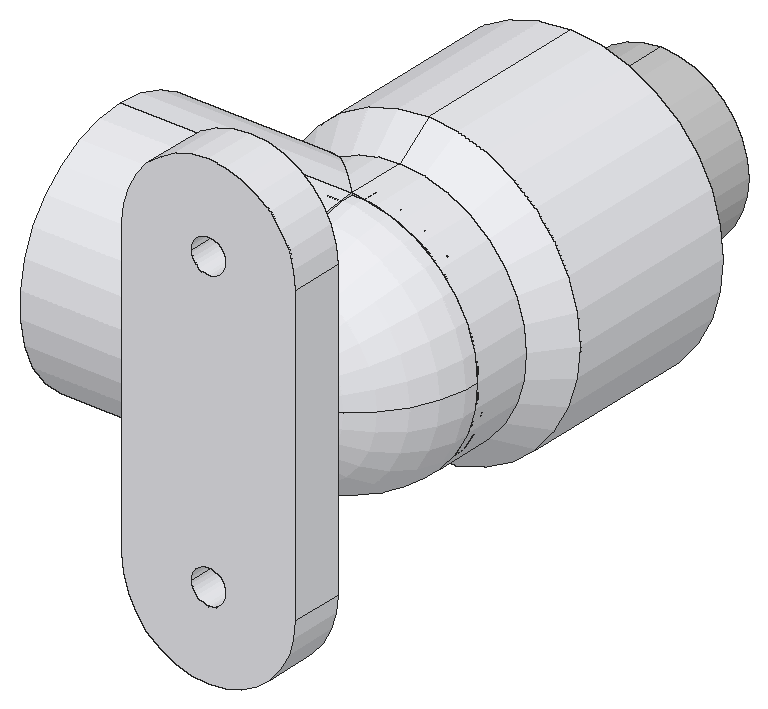
Revit family "PF_Отвод [фитинг полипропиленовый - водорозетка с нвружной резьбой VTp.755.0]1 - VALTEC", category Соединительные детали трубопроводов, Revit 2019
Family settings
  Размер круглого соединителя = Использовать диаметр
  Тип детали = Отвод
  На основе рабочей плоскости = Нет
  Всегда вертикально = Да
  При загрузке вырезать с полостями = Нет
  Общий = Нет
Parameters (values of type "VTp.755.0")
  Угол 1 [instance] = size_lookup(Таблица, "Угол 1", 0.00°, d1, d2)  # 0.00°
  Угол [instance] = 90.00°
  Таблица = "PF_Отвод [фитинг полипропиленовый - водорозетка с нвружной резьбой VTp.755.0] - VALTEC"  # constant formula
  built-in parameter 1114238 [instance] = (empty or 0)
  Материал доп.1 = Сталь, нержавеющая - VALTEC
  Keynote = ""
  Manufacturer = ""
  x2 [instance] = size_lookup(Таблица, "x2", 0 mm, d1, d2)  # 31.4 mm
  x1 [instance] = size_lookup(Таблица, "x1", 0 mm, d1, d2)  # 26.5 mm
  r [instance] = size_lookup(Таблица, "r", 0 mm, d1, d2)  # 14.5 mm
  lc4 [instance] = size_lookup(Таблица, "lc4", 0 mm, d1, d2)  # 13 mm
  lc3 [instance] = size_lookup(Таблица, "lc3", 0 mm, d1, d2)  # -31.4 mm
  lc2 [instance] = size_lookup(Таблица, "lc2", 0 mm, d1, d2)  # -24.5 mm
  lc1 [instance] = size_lookup(Таблица, "lc1", 0 mm, d1, d2)  # -20.4 mm
  la1 [instance] = size_lookup(Таблица, "la1", 0 mm, d1, d2)  # -26.5 mm
  l0 [instance] = size_lookup(Таблица, "l0", 0 mm, d1, d2)  # 0 mm
  dn4 [instance] = size_lookup(Таблица, "dn4", 0 mm, d1, d2)  # 20 mm
  dn3 [instance] = size_lookup(Таблица, "dn3", 0 mm, d1, d2)  # 29 mm
  dn2 [instance] = size_lookup(Таблица, "dn2", 0 mm, d1, d2)  # 35 mm
  d2 [instance] = 15 mm
  d1 [instance] = 20 mm
  dn1 [instance] = size_lookup(Таблица, "dn1", 0 mm, d1, d2)  # 29 mm
  URL = "https://valtec.ru/"
  C [instance] = size_lookup(Таблица, "C", 0 mm, d1, d2)  # 31.4 mm
  B [instance] = size_lookup(Таблица, "B", 0 mm, d1, d2)  # 15 mm
  ADSK_Примечание [instance] = ""
  ADSK_Позиция [instance] = ""
  ADSK_Обозначение [instance] = "VTp.755.0"  # constant formula
  ADSK_Наименование [instance] = size_lookup(Таблица, "", "Данный типоразмер отсутствует", d1, d2)  # "Фитинг полипропиленовый - водорозетка с наружной резьбой, 20 мм х 1/2\""
  ADSK_Материал [instance] = Пластик белый - VALTEC
  ADSK_Масса [instance] = size_lookup(Таблица, "Масса", 0, d1, d2)  # 0.058
  ADSK_Марка [instance] = size_lookup(Таблица, "Маркировка", "Данный типоразмер отсутствует", d1, d2)  # "20х1/2\""
  ADSK_Код изделия [instance] = size_lookup(Таблица, "Код продукта", "Данный типоразмер отсутствует", d1, d2)  # "VTp.755.0.02004"
  ADSK_Завод-изготовитель [instance] = "VALTEC"  # constant formula
  ADSK_Единица измерения [instance] = "шт."  # constant formula
  ADSK_URL страницы изделия = "https://valtec.ru/catalog/sistemy_polipropilenovyh_truboprovodov/polipropilenovye_fitingi/fiting_polipropilenovyj_vodorozetka_s_narujnoj_rezboj_vtp7550.html"
  ADSK_URL документации изделия = "https://valtec.ru/document/technical/VTp.700-fitingi-0419.pdf"
  A [instance] = size_lookup(Таблица, "A", 0 mm, d1, d2)  # 26.5 mm
Reference planes
  plane 1 "По центру (Вперед/Назад)": y = 0
  plane 2: z = 0
  plane 3 "По центру (Влево/Вправо)": x = 0
  plane 4: x = -26.5
  plane 5: y = 14.5
  plane 6: x = -14.5
  plane 7: y = 31.4
  plane 8: y = -14.5
Forms (mm)
  Extrusion 1, solid, material "Пластик белый - VALTEC" <- "ADSK_Материал", detail levels medium+fine
    sketch origin (-26.5, 0, 0) x (0, 0, 1) y (0, 1, 0)
      loop
        circle (0, 0) r 14.5
    from 0 <- "l0" to -26.5 <- "la1"
  Extrusion 2, solid, material "Пластик белый - VALTEC" <- "ADSK_Материал", detail levels medium+fine
    sketch origin (0, 31.4, 0) x (0, 0, 1) y (1, 0, 0)
      loop
        circle (0, 0) r 17.5
    from 0 <- "l0" to -20.4 <- "lc1"
  Blend 3, solid, material "Пластик белый - VALTEC" <- "ADSK_Материал", detail levels medium+fine
    base sketch origin (0, 31.4, 0) x (0, 0, 1) y (1, 0, 0)
      loop
        circle (0, 0) r 17.5
    top sketch origin (0, 31.4, 0) x (0, 0, 1) y (1, 0, 0)
      loop
        circle (0, 0) r 14.5
    from -20.4 <- "lc1" to -24.5 <- "lc2"
  Revolve 4, solid, material "Пластик белый - VALTEC" <- "ADSK_Материал", detail levels medium+fine
    sketch origin (0, 0, 0) x (1, 0, 0) y (0, 1, 0)
      loop
        arc (0, -14.5) -> (14.5, 0) -> (0, 14.5) r 14.5
        line (0, 14.5) -> (0, -14.5)
      axis (0, 14.5) -> (0, -14.5)
    angle from 0 to 360
  Extrusion 5, solid, material "Пластик белый - VALTEC" <- "ADSK_Материал", detail levels medium+fine
    sketch origin (0, 31.4, 0) x (0, 0, 1) y (1, 0, 0)
      loop
        circle (0, 0) r 14.5
    from -24.5 <- "lc2" to -31.4 <- "lc3"
  Extrusion 6, solid, material "Сталь, нержавеющая - VALTEC" <- "Материал доп.1", detail levels medium+fine
    sketch origin (0, 31.4, 0) x (0, 0, 1) y (1, 0, 0)
      loop
        circle (0, 0) r 10
    from 0 <- "l0" to 13 <- "lc4"
Cuts and joins
  joined: Extrusion 1, Extrusion 2, Blend 3, Extrusion 5
Lines and regions (mm)
  reference lines
    curve 1: line (0, 0, 0) -> (-26.5, 0, 0)
    curve 2: line (0, 0, 0) -> (0, 31.4, 0)
    curve 3: line (0, 0, 0) -> (0, -14.5, 0)
    curve 4: line (-26.5, 0, 0) -> (0, 0, 0)
    curve 5: line (0, -14.5, 0) -> (5, -14.5, 0)
    curve 6: line (0, 31.4, 0) -> (0, 0, 0)
  model lines, detail levels coarse
    curve 7: arc (-14.5, 0, 0) -> (-4.247, 4.247, 0) -> (0, 14.5, 0) r 14.5
    curve 8: line (0, 31.4, 0) -> (0, 14.5, 0)
    curve 9: line (-14.5, 0, 0) -> (-26.5, 0, 0)
Dimensions and locks
  "r": plane 1 "По центру (Вперед/Назад)" to plane 5
  "r": plane 6 to plane 3 "По центру (Влево/Вправо)"
  "A": plane 4 to plane 3 "По центру (Влево/Вправо)"
  "C": plane 1 "По центру (Вперед/Назад)" to plane 7
  "x1": curve 1 to curve 1
  "x2": curve 2 to curve 2
  "r": plane 1 "По центру (Вперед/Назад)" to plane 8
  "r": curve 3 to curve 3
  "x2": curve 6 to curve 6
  "dn1": diameter of Extrusion 1 sketch curve
  "dn2": diameter of Extrusion 2 sketch curve
  "dn2": diameter of Blend 3 sketch curve
  "dn3": diameter of Blend 3 sketch curve
  "dn3": diameter of Revolve 4 sketch curve
  "dn3": diameter of Extrusion 5 sketch curve
  "r": radius of curve 7
  "dn4": diameter of Extrusion 6 sketch curve
  "Угол 1": angle curve 1 to plane 1 "По центру (Вперед/Назад)"
  "Угол 1": angle plane 3 "По центру (Влево/Вправо)" to curve 3
  locked: curve 5 to curve 3 (angle 90.00°)
  "Угол 1": angle plane 3 "По центру (Влево/Вправо)" to curve 2
  "Угол 1": angle plane 3 "По центру (Влево/Вправо)" to nested 1
  aligned and locked: level to plane 2
  aligned and locked: plane 1 "По центру (Вперед/Назад)" to curve 3
  aligned and locked: plane 3 "По центру (Влево/Вправо)" to curve 4
  aligned and locked: plane 4 to curve 4
  aligned and locked: plane 1 "По центру (Вперед/Назад)" to curve 4
  aligned and locked: plane 1 "По центру (Вперед/Назад)" to Revolve 4 sketch curve
  aligned and locked: plane 3 "По центру (Влево/Вправо)" to Revolve 4 sketch curve
  aligned and locked: Revolve 4 sketch curve to plane 3 "По центру (Влево/Вправо)"  (x2)
  aligned and locked: plane 7 to curve 6
  aligned and locked: curve 6 to plane 3 "По центру (Влево/Вправо)"
  aligned and locked: curve 3 to nested 1
  aligned and locked: nested 1 to curve 5
  aligned and locked: plane 6 to curve 7
  aligned and locked: plane 5 to curve 8
  aligned and locked: plane 7 to curve 8
  aligned and locked: curve 8 to plane 3 "По центру (Влево/Вправо)"
  aligned and locked: plane 4 to curve 9
  aligned and locked: plane 6 to curve 9
  aligned and locked: curve 9 to plane 1 "По центру (Вперед/Назад)"
Automatic sketch dimensions
  Revolve 4 sketch curve to Revolve 4 sketch curve = 1985.5 mm
  plane 7 to Revolve 4 sketch curve = 1968.6 mm
  level to Extrusion 1 sketch curve = 0 mm
  level to Extrusion 2 sketch curve = 0 mm
  level to Blend 3 sketch curve = 0 mm  (x2)
  Extrusion 5 sketch curve to level = 0 mm
  Extrusion 6 sketch curve to level = 0 mm
  Extrusion 6 sketch curve to plane 3 "По центру (Влево/Вправо)" = 0 mm
Nested families
  nested 1: "планка VTp.754.0" at (0, -14.5, 0), ADSK_Материал <- "ADSK_Материал", type "планка VTp.754.0", detail levels medium+fine
    with ADSK_Материал Пластик белый - VALTEC
Connectors
  piping at (-26.5, 0, 0), diameter 20, driven by "d1", driven by "Угол"
    settings: on curve 4, index 1, connector inside diameter 609.6 mm, connector length 0 mm, flow factor 0, pipe flow 0.0 L/s, pressure drop 0.0 Pa, fitting loss kfactor 0, connector angle 90.00°, fixture units 0, engagement length 0 mm, angle of deflection 0.00°, flow configuration 0, flow direction 0, fitting loss method 0, system type 28, joint type 0, gender type 0, connector reference index 2, connector utility 0, adjustable connector no, is connector primary yes, connector description ""
  piping at (0, 31.4, 0), diameter 15, driven by "Угол", driven by "d2"
    settings: on curve 6, index 2, connector inside diameter 609.6 mm, connector length 0 mm, flow factor 0, pipe flow 0.0 L/s, pressure drop 0.0 Pa, fitting loss kfactor 0, connector angle 90.00°, fixture units 0, engagement length 0 mm, angle of deflection 0.00°, flow configuration 0, flow direction 0, fitting loss method 0, system type 28, joint type 0, gender type 0, connector reference index 1, connector utility 0, adjustable connector no, is connector primary no, connector description ""
Definition of nested family "планка VTp.754.0"
  Parameters (values of type "планка VTp.754.0")
    r = 10 mm  # constant formula
    b = 20 mm  # constant formula
    a = 54 mm  # constant formula
    ADSK_Материал [instance] = none
  Reference planes
    plane 1 "По центру (Вперед/Назад)": y = 0
    plane 2: z = 0
    plane 3 "По центру (Влево/Вправо)": x = 0
    plane 4: x = -10
    plane 5: x = 10
    plane 6: z = 27
    plane 7: z = -27
    plane 8: y = -6
  Forms (mm)
    Extrusion 1, solid, material <- "ADSK_Материал"
      sketch origin (0, 0, 0) x (1, 0, 0) y (0, 0, 1)
        loop
          line (-10, 17) -> (-10, -17)
          arc (-10, -17) -> (0, -27) -> (10, -17) r 10
          line (10, -17) -> (10, 17)
          arc (10, 17) -> (0, 27) -> (-10, 17) r 10
        loop
          circle (0, 17) r 2
        loop
          circle (0, -17) r 2
      from 0 to 6
  Lines and regions (mm)
    reference lines
      curve 1: line (0, 0, 0) -> (0, -6, 0)
      curve 2: line (-3.156, 0, 0) -> (3.156, 0, 0)
  Dimensions and locks
    equal spacing: plane 4, plane 3 "По центру (Влево/Вправо)", plane 5
    equal spacing: plane 6, plane 2, plane 7
    locked: plane 1 "По центру (Вперед/Назад)" to plane 8 at 6
    equal spacing: curve 2, plane 3 "По центру (Влево/Вправо)", curve 2
    "b": plane 4 to plane 5
    "a": plane 6 to plane 7
    "r": radius of Extrusion 1 sketch curve  (x2)
    aligned and locked: level to plane 2
    aligned and locked: plane 8 to curve 1
    aligned and locked: plane 1 "По центру (Вперед/Назад)" to curve 2
    aligned and locked: Extrusion 1 sketch curve to plane 5
    aligned and locked: Extrusion 1 sketch curve to plane 4
    aligned and locked: Extrusion 1 to plane 1 "По центру (Вперед/Назад)"
    aligned and locked: Extrusion 1 to plane 8
  Automatic sketch dimensions
    curve 1 to plane 3 "По центру (Влево/Вправо)" = 0 mm
    plane 4 to curve 2 = 13.156 mm
    Extrusion 1 sketch curve to Extrusion 1 sketch curve = 0 mm  (x4)
    Extrusion 1 sketch curve to plane 7 = 10 mm
    Extrusion 1 sketch curve to plane 6 = 10 mm
    radius of Extrusion 1 sketch curve = 2 mm  (x2)
